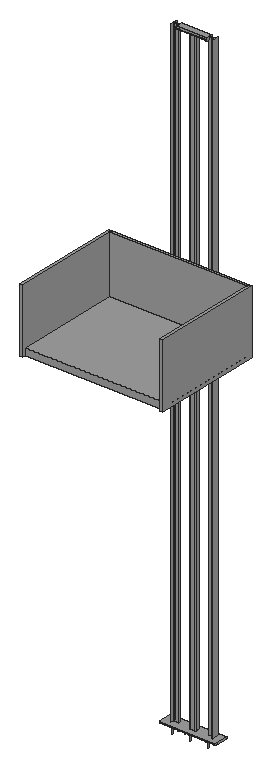
Revit family "1SE_Trez_TC_1500_With_Pit", category Specialty Equipment, Revit 2019
Family settings
  Round Connector Dimension = Use Diameter
  Part Type = Normal
  Work Plane-Based = No
  Always vertical = Yes
  Cut with Voids When Loaded = Yes
  Shared = No
  Room Calculation Point = No
Parameters (values of type "Platform-1700x1300mm with Door Height 2500mm")
  Safe Working Load = 1500.00 kg  # constant formula
  Safe Space = if(Cabin or Platform = Cabin, 900.0 mm, if(and(Cabin or Platform = Platform, Door Clear Height > 1900.0 mm), 600.0 mm, 0.0 mm))  # 600.0 mm
  Platform = Speciality_Equipment_Trez_Platform_Sgl_C : Platform
  Door Clear Width = Real Width  # 1700.0 mm
  Door Clear Height = 2500.0 mm
  D-Side = yes
  Clear Width = 1700.0 mm
  URL = "https://trez.bg/en/products/goods-only-lift-tc/tc-one-cylinder/"
  Shaft Width = Real Width + 100.0 mm  # 1800.0 mm
  Shaft Depth = Real Depth + Clearance  # 1670.0 mm
  Tower Cladding Material = TREZ_Steel_Cladding
  Real Width = if(Clear Width < 850.0 mm, 850.0 mm, if(Clear Width > 1700.0 mm, 1700.0 mm, Clear Width))  # 1700.0 mm
  Real Depth = if(Clear Depth < 850.0 mm, 850.0 mm, if(Clear Depth > 1300.0 mm, 1300.0 mm, Clear Depth))  # 1300.0 mm
  Profiles Material = TREZ_Steel
  Platform Material = TREZ_Steel
  Pit Height = 150.0 mm  # constant formula
  Travel = 4500.0 mm
  Rail Height = Travel + Pit Height + Headroom  # 7750.0 mm
  Model = "TC 1500"
  Manufacturer = "TREZ Ltd."
  Headroom = Door Clear Height + Safe Space  # 3100.0 mm
  Description = "As a hydraulic, goods-only lift with one cylinder, the TC is the low-price solution for lifting goods between the floors. "  # constant formula
  Clear Depth = 1300.0 mm
  Created By URL = "https://all1studio.com/"
  Created By = "All 1 Studio Ltd."
  Clearance = 370.0 mm  # constant formula
  Cabin or Platform = Speciality_Equipment_Trez_Platform_Sgl_C : Platform
  Cabin = Speciality_Equipment_Trez_Cabin_Sgl_C : Cabin
  C-Side = 1 = 1  # yes
  B-Side = yes
  A-Side = no
Reference planes
  plane 1 "Center (Front/Back)": y = 0
  plane 2: z = 0
  plane 3 "Center (Left/Right)": x = 0
  plane 4: x = -850
  plane 5: x = 850
  plane 6: y = 650
  plane 7: y = -650
  plane 8: x = 900
  plane 9: x = -900
  plane 10: y = 1020
  plane 11: y = -700
  plane 12: z = 4500
  plane 13 "Top of Lift": z = 7600
  plane 14 "Pit": z = -150
  plane 15: z = 7540
  plane 16: z = 40
  plane 17: z = -145
  plane 18: y = 888.5
Forms (mm)
  Extrusion 1, void
    sketch origin (0, 0, 0) x (1, 0, 0) y (0, 1, 0)
      loop
        line (-900, 1020) -> (-900, -700) -> (900, -700) -> (900, 1020) -> (-900, 1020)
    from 0 to -150
Lines and regions (mm)
  symbolic lines, style "Platform"
    curve 1: line (-850, 650, 0) -> (850, 650, 0)
    curve 2: line (-850, -650, 0) -> (-850, 650, 0)
    curve 3: line (850, -650, 0) -> (-850, -650, 0)
    curve 4: line (850, 650, 0) -> (850, -650, 0)
    curve 5: line (-850, 650, 0) -> (850, -650, 0)
    curve 6: line (850, 650, 0) -> (-850, -650, 0)
  symbolic lines, style "Shaft Volume"
    curve 7: line (-900, 1020, 0) -> (900, 1020, 0)
    curve 8: line (-900, -700, 0) -> (-900, 1020, 0)
    curve 9: line (900, -700, 0) -> (-900, -700, 0)
    curve 10: line (900, 1020, 0) -> (900, -700, 0)
    curve 11: line (900, 0, 7600) -> (-900, 0, 7600)
    curve 12: line (900, 0, 0) -> (900, 0, 7600)
    curve 13: line (-900, 0, 0) -> (900, 0, 0)
    curve 14: line (-900, 0, 7600) -> (-900, 0, 0)
    curve 15: line (0, -700, 7600) -> (0, 1020, 7600)
    curve 16: line (0, -700, 0) -> (0, -700, 7600)
    curve 17: line (0, 1020, 0) -> (0, -700, 0)
    curve 18: line (0, 1020, 7600) -> (0, 1020, 0)
Dimensions and locks
  equal spacing: plane 4, plane 3 "Center (Left/Right)", plane 5
  "Real Width": plane 4 to plane 5
  equal spacing: plane 7, plane 1 "Center (Front/Back)", plane 6
  "Real Depth": plane 7 to plane 6
  "Travel": plane 12 to level
  "Pit Height": level to plane 14 "Pit"
  "Headroom": plane 13 "Top of Lift" to plane 12
  locked: plane 13 "Top of Lift" to plane 15 at 60
  locked: plane 16 to level at 40
  locked: level to plane 17 at 145
  locked: plane 9 to plane 4 at 50
  locked: plane 5 to plane 8 at 50
  locked: plane 18 to plane 10 at 131.5
  "Clearance": plane 6 to plane 10
  locked: plane 7 to plane 11 at 50
  aligned and locked: level to plane 2
  aligned and locked: Extrusion 1 to plane 14 "Pit"
  aligned and locked: plane 1 "Center (Front/Back)" to nested 1
  aligned and locked: plane 3 "Center (Left/Right)" to nested 1
  aligned and locked: plane 12 to nested 1
  aligned and locked: nested 2 to plane 3 "Center (Left/Right)"
  aligned and locked: plane 18 to nested 2
  aligned and locked: plane 4 to curve 2
  aligned and locked: Extrusion 1 to plane 8
  aligned and locked: Extrusion 1 to plane 9
  aligned and locked: Extrusion 1 to plane 10
  aligned and locked: Extrusion 1 to plane 11
  aligned and locked: plane 10 to curve 7
  aligned and locked: plane 9 to curve 8
  aligned and locked: plane 11 to curve 9
  aligned and locked: plane 8 to curve 10
  aligned and locked: plane 13 "Top of Lift" to curve 11
  aligned and locked: curve 12 to plane 8
  aligned and locked: curve 13 to level
  aligned and locked: curve 14 to plane 9
  aligned and locked: curve 15 to plane 13 "Top of Lift"
  aligned and locked: plane 11 to curve 16
  aligned and locked: level to curve 17
  aligned and locked: plane 10 to curve 18
Automatic sketch dimensions
  Extrusion 1 sketch curve to plane 8 = 0.0 mm
  Extrusion 1 sketch curve to plane 11 = 0.0 mm
  Extrusion 1 sketch curve to plane 10 = 0.0 mm
  Extrusion 1 sketch curve to plane 9 = 0.0 mm
  curve 4 to plane 5 = 0.0 mm
  curve 3 to plane 7 = 0.0 mm
  plane 6 to curve 2 = 0.0 mm
Nested families
  nested 1: "Speciality_Equipment_Trez_Platform_Sgl_C" at (0, 0, 4500), type <- "Cabin or Platform", type "Platform"
    with Width 1700.0 mm, Depth 1300.0 mm, D-Side yes, B-Side yes
  nested 2: "Generic_Model_Trez_Rails_Sgl_C" at (0, 888.5, -120) x (0, -1, 0) z (0, 0, 1), type "Rails"
    with Height 7750.0 mm
Definition of nested family "Speciality_Equipment_Trez_Platform_Sgl_C"
  Parameters (values of type "Platform")
    Width = 1300.0 mm
    Platform Material = none
    Depth = 1000.0 mm
    D-Side = no
    C-Side = yes
    B-Side = no
    A-Side = no
  Reference planes
    plane 1 "Center (Front/Back)": y = 0
    plane 2 "Bottom": z = 0
    plane 3 "Center (Left/Right)": x = 0
    plane 4: x = 650
    plane 5: x = -650
    plane 6: y = 500
    plane 7: y = -500
    plane 8: y = 535
    plane 9: z = -89
    plane 10: z = 709
    plane 11: x = -685
    plane 12: x = 685
    plane 13: y = -535
  Forms (mm)
    Extrusion 1, solid, material <- "Platform Material", visible <- "C-Side"
      sketch origin (0, 0, 0) x (1, 0, 0) y (0, 1, 0)
        loop
          line (-650, 535) -> (-650, 500) -> (650, 500) -> (650, 535) -> (-650, 535)
      from -89 to 709
    Extrusion 2, solid, material <- "Platform Material", detail levels coarse+medium
      sketch origin (0, 0, 0) x (1, 0, 0) y (0, 0, 1)
        loop
          line (-650, 0) -> (-650, -89) -> (650, -89) -> (650, 0) -> (-650, 0)
      from -500 to 500
    Extrusion 3, solid, material <- "Platform Material", detail levels fine
      sketch origin (0, 0, 0) x (1, 0, 0) y (0, 0, 1)
        loop
          line (-650, 0) -> (-650, -74)
          arc (-650, -74) -> (-645.607, -84.607) -> (-635, -89) r 15
          line (-635, -89) -> (635, -89)
          arc (635, -89) -> (645.607, -84.607) -> (650, -74) r 15
          line (650, -74) -> (650, 0) -> (-650, 0)
      from -500 to 500
    Extrusion 4, solid, material <- "Platform Material", visible <- "A-Side"
      sketch origin (0, -1035, 0) x (1, 0, 0) y (0, 1, 0)
        loop
          line (-650, 535) -> (-650, 500) -> (650, 500) -> (650, 535) -> (-650, 535)
      from -89 to 709
    Extrusion 5, solid, material <- "Platform Material", visible <- "D-Side"
      sketch origin (31.413, 20.624, 0) x (0, -1, 0) y (1, 0, 0)
        loop
          line (-514.376, 653.587) -> (-514.376, 618.587) -> (555.624, 618.587) -> (555.624, 653.587) -> (-514.376, 653.587)
      from -89 to 709
    Extrusion 6, solid, material <- "Platform Material", visible <- "B-Side"
      sketch origin (-1003.587, 20.624, 0) x (0, -1, 0) y (1, 0, 0)
        loop
          line (-514.376, 353.587) -> (-514.376, 318.587) -> (555.624, 318.587) -> (555.624, 353.587) -> (-514.376, 353.587)
      from -89 to 709
  Dimensions and locks
    equal spacing: plane 5, plane 3 "Center (Left/Right)", plane 4
    "Width": plane 5 to plane 4
    equal spacing: plane 7, plane 1 "Center (Front/Back)", plane 6
    "Depth": plane 6 to plane 7
    locked: plane 8 to plane 6 at 35
    locked: plane 2 "Bottom" to plane 9 at 89
    locked: plane 10 to plane 2 "Bottom" at 709
    locked: plane 11 to plane 5 at 35
    locked: plane 4 to plane 12 at 35
    locked: plane 13 to plane 7 at 35
    aligned and locked: level to plane 2 "Bottom"
    aligned and locked: Extrusion 1 sketch curve to plane 8
    aligned and locked: Extrusion 2 sketch curve to plane 2 "Bottom"
    aligned and locked: Extrusion 2 sketch curve to plane 9
    aligned and locked: plane 6 to Extrusion 2
    aligned and locked: plane 7 to Extrusion 2
    aligned and locked: Extrusion 3 sketch curve to plane 2 "Bottom"
    aligned and locked: Extrusion 3 sketch curve to plane 9
    aligned and locked: plane 7 to Extrusion 3
    aligned and locked: plane 6 to Extrusion 3
    aligned and locked: Extrusion 1 to plane 9
    aligned and locked: plane 5 to Extrusion 3
    aligned and locked: plane 5 to Extrusion 2
    aligned and locked: plane 5 to Extrusion 1
    aligned and locked: plane 4 to Extrusion 3
    aligned and locked: plane 4 to Extrusion 2
    aligned and locked: plane 4 to Extrusion 1
    aligned and locked: Extrusion 4 to plane 7
    aligned and locked: plane 13 to Extrusion 4
    aligned and locked: plane 4 to Extrusion 4
    aligned and locked: plane 5 to Extrusion 4
    aligned and locked: plane 12 to Extrusion 5
    aligned and locked: Extrusion 5 to plane 4
    aligned and locked: plane 8 to Extrusion 5
    aligned and locked: plane 13 to Extrusion 5
    aligned and locked: plane 11 to Extrusion 6
    aligned and locked: Extrusion 6 to plane 5
    aligned and locked: plane 8 to Extrusion 6
    aligned and locked: plane 13 to Extrusion 6
  Automatic sketch dimensions
    Extrusion 1 sketch curve to plane 5 = 0.0 mm
    Extrusion 1 sketch curve to plane 4 = 0.0 mm
    Extrusion 1 sketch curve to plane 6 = 0.0 mm
    plane 5 to Extrusion 2 sketch curve = 0.0 mm
    Extrusion 2 sketch curve to plane 4 = 0.0 mm
    plane 5 to Extrusion 3 sketch curve = 0.0 mm
    Extrusion 3 sketch curve to plane 4 = 0.0 mm
    Extrusion 3 sketch curve to plane 5 = 15.0 mm
    Extrusion 3 sketch curve to plane 4 = 15.0 mm
    Extrusion 4 sketch curve to plane 5 = 0.0 mm
    Extrusion 4 sketch curve to plane 4 = 0.0 mm
    plane 13 to Extrusion 4 sketch curve = 0.0 mm
    plane 7 to Extrusion 4 sketch curve = 0.0 mm
    plane 8 to Extrusion 5 sketch curve = 0.0 mm
    plane 13 to Extrusion 5 sketch curve = 0.0 mm
    Extrusion 5 sketch curve to plane 12 = 35.0 mm
    Extrusion 5 sketch curve to Extrusion 5 sketch curve = 35.0 mm
    plane 8 to Extrusion 6 sketch curve = 0.0 mm
    plane 13 to Extrusion 6 sketch curve = 0.0 mm
    Extrusion 6 sketch curve to plane 12 = 1370.0 mm
    Extrusion 6 sketch curve to Extrusion 6 sketch curve = 35.0 mm
Definition of nested family "Generic_Model_Trez_Rails_Sgl_C"
  Parameters (values of type "Rails")
    Profiles Material = none
    Height = 7720.0 mm
  Reference planes
    plane 1 "Center (Front/Back)": y = 0
    plane 2: z = 0
    plane 3 "Center (Left/Right)": x = 0
    plane 4: x = 87.2
    plane 5: x = -87.2
    plane 6: y = 350
    plane 7: y = -350
    plane 8: z = 7720
    plane 9: z = 15
    plane 10: z = 7685
    plane 11: z = -95
  Forms (mm)
    Extrusion 1, solid, material <- "Profiles Material", detail levels fine
      sketch origin (0, 0, 0) x (1, 0, 0) y (0, 1, 0)
        loop
          line (77.2, 350) -> (-77.2, 350)
          arc (-77.2, 350) -> (-84.271, 347.071) -> (-87.2, 340) r 10
          line (-87.2, 340) -> (-87.2, -340)
          arc (-87.2, -340) -> (-84.271, -347.071) -> (-77.2, -350) r 10
          line (-77.2, -350) -> (77.2, -350)
          arc (77.2, -350) -> (84.271, -347.071) -> (87.2, -340) r 10
          line (87.2, -340) -> (87.2, 340)
          arc (87.2, 340) -> (84.271, 347.071) -> (77.2, 350) r 10
      from 0 to 15
    Extrusion 2, solid, material <- "Profiles Material", detail levels fine
      sketch origin (0, 0, 0) x (1, 0, 0) y (0, 1, 0)
        loop
          line (-61.5, -260) -> (28.5, -260) -> (28.5, -252) -> (-3.5, -252)
          arc (-3.5, -252) -> (-7.036, -250.536) -> (-8.5, -247) r 5
          line (-8.5, -247) -> (-8.5, -185) -> (-24.5, -185) -> (-24.5, -247)
          arc (-24.5, -247) -> (-25.964, -250.536) -> (-29.5, -252) r 5
          line (-29.5, -252) -> (-61.5, -252) -> (-61.5, -260)
        loop
          line (-37.94, -40) -> (-1.94, -40)
          arc (-1.94, -40) -> (8.667, -35.607) -> (13.06, -25) r 15
          line (13.06, -25) -> (13.06, 25)
          arc (13.06, 25) -> (8.667, 35.607) -> (-1.94, 40) r 15
          line (-1.94, 40) -> (-37.94, 40) -> (-37.94, -40)
        loop
          line (-61.5, 260) -> (-61.5, 252) -> (-29.5, 252)
          arc (-29.5, 252) -> (-25.964, 250.536) -> (-24.5, 247) r 5
          line (-24.5, 247) -> (-24.5, 185) -> (-8.5, 185) -> (-8.5, 247)
          arc (-8.5, 247) -> (-7.036, 250.536) -> (-3.5, 252) r 5
          line (-3.5, 252) -> (28.5, 252) -> (28.5, 260) -> (-61.5, 260)
      from 15 to 7720
    Extrusion 3, solid, material <- "Profiles Material", detail levels fine
      sketch origin (0, 0, 0) x (1, 0, 0) y (0, 0, 1)
        loop
          line (-51.5, 7720) -> (-51.5, 7690)
          arc (-51.5, 7690) -> (-50.036, 7686.464) -> (-46.5, 7685) r 5
          line (-46.5, 7685) -> (13.5, 7685)
          arc (13.5, 7685) -> (17.036, 7686.464) -> (18.5, 7690) r 5
          line (18.5, 7690) -> (18.5, 7720) -> (-51.5, 7720)
      from -185 to 185
    Extrusion 4, solid, material <- "Profiles Material", detail levels coarse+medium
      sketch origin (0, 0, 0) x (1, 0, 0) y (0, 1, 0)
        loop
          line (87.2, 350) -> (-87.2, 350) -> (-87.2, -350) -> (87.2, -350) -> (87.2, 350)
      from 0 to 15
    Extrusion 5, solid, material <- "Profiles Material", detail levels coarse+medium
      sketch origin (0, 0, 0) x (1, 0, 0) y (0, 1, 0)
        loop
          line (28.5, -185) -> (-61.5, -185) -> (-61.5, -260) -> (28.5, -260) -> (28.5, -185)
        loop
          line (-37.94, -40) -> (13.06, -40) -> (13.06, 40) -> (-37.94, 40) -> (-37.94, -40)
        loop
          line (-61.5, 260) -> (-61.5, 185) -> (28.5, 185) -> (28.5, 260) -> (-61.5, 260)
      from 15 to 7720
    Extrusion 6, solid, material <- "Profiles Material", detail levels coarse+medium
      sketch origin (0, 0, 0) x (1, 0, 0) y (0, 0, 1)
        loop
          line (-51.5, 7720) -> (-51.5, 7690)
          arc (-51.5, 7690) -> (-50.036, 7686.464) -> (-46.5, 7685) r 5
          line (-46.5, 7685) -> (13.5, 7685)
          arc (13.5, 7685) -> (17.036, 7686.464) -> (18.5, 7690) r 5
          line (18.5, 7690) -> (18.5, 7720) -> (-51.5, 7720)
      from -260 to 260
    Extrusion 7, solid, material <- "Profiles Material", detail levels fine
      sketch origin (0, 0, 0) x (1, 0, 0) y (0, 1, 0)
        loop
          circle (46.2, 222.5) r 7.5
        loop
          circle (-43.8, 222.5) r 7.5
        loop
          circle (-43.8, 132.5) r 7.5
        loop
          circle (46.2, -222.5) r 7.5
        loop
          circle (-43.8, -222.5) r 7.5
        loop
          circle (-43.8, -132.5) r 7.5
        loop
          circle (-43.8, -80) r 7.5
        loop
          circle (-43.8, 80) r 7.5
        loop
          circle (46.2, 0.052) r 7.5
      from -95 to 0
  Cuts and joins
    joined: Extrusion 2, Extrusion 3
    joined: Extrusion 5, Extrusion 6
  Lines and regions (mm)
    symbolic lines
      curve 1: line (28.5, 185, 0) -> (-61.5, 185, 0)
      curve 2: line (28.5, 260, 0) -> (28.5, 185, 0)
      curve 3: line (-61.5, 260, 0) -> (28.5, 260, 0)
      curve 4: line (-61.5, 185, 0) -> (-61.5, 260, 0)
      curve 5: line (13.06, 40, 0) -> (-37.94, 40, 0)
      curve 6: line (13.06, -40, 0) -> (13.06, 40, 0)
      curve 7: line (-37.94, -40, 0) -> (13.06, -40, 0)
      curve 8: line (-37.94, 40, 0) -> (-37.94, -40, 0)
      curve 9: line (28.5, -185, 0) -> (-61.5, -185, 0)
      curve 10: line (28.5, -260, 0) -> (28.5, -185, 0)
      curve 11: line (-61.5, -260, 0) -> (28.5, -260, 0)
      curve 12: line (-61.5, -185, 0) -> (-61.5, -260, 0)
      curve 13: line (87.2, -350, 0) -> (-87.2, -350, 0)
      curve 14: line (87.2, 350, 0) -> (87.2, -350, 0)
      curve 15: line (-87.2, 350, 0) -> (87.2, 350, 0)
      curve 16: line (-87.2, -350, 0) -> (-87.2, 350, 0)
  Dimensions and locks
    equal spacing: plane 5, plane 3 "Center (Left/Right)", plane 4
    plane 5 to plane 4 = 174.4 mm
    equal spacing: plane 6, plane 1 "Center (Front/Back)", plane 7
    "Height": plane 8 to plane 2
    locked: plane 9 to plane 2 at 15
    locked: plane 8 to Extrusion 3 sketch curve at 35
    locked: plane 8 to plane 10 at 35
    locked: plane 2 to plane 11 at 95
    aligned and locked: level to plane 2
    aligned and locked: Extrusion 1 sketch curve to plane 6
    aligned and locked: plane 4 to Extrusion 1 sketch curve
    aligned and locked: Extrusion 1 sketch curve to plane 7
    aligned and locked: plane 5 to Extrusion 1 sketch curve
    aligned and locked: plane 8 to Extrusion 2
    aligned and locked: Extrusion 1 to plane 9
    aligned and locked: plane 9 to Extrusion 2
    aligned and locked: Extrusion 4 sketch curve to plane 6
    aligned and locked: plane 4 to Extrusion 4 sketch curve
    aligned and locked: Extrusion 4 sketch curve to plane 7
    aligned and locked: plane 5 to Extrusion 4 sketch curve
    aligned and locked: Extrusion 4 to plane 9
    aligned and locked: Extrusion 4 to plane 2
    aligned and locked: plane 8 to Extrusion 5
    aligned and locked: plane 8 to Extrusion 3 sketch curve
    aligned and locked: Extrusion 3 to Extrusion 5  (x2)
    aligned and locked: Extrusion 7 to plane 11
    aligned and locked: plane 2 to Extrusion 7
  Automatic sketch dimensions
    Extrusion 2 sketch curve to plane 5 = 25.7 mm  (x2)
    Extrusion 2 sketch curve to plane 3 "Center (Left/Right)" = 29.5 mm  (x2)
    Extrusion 2 sketch curve to Extrusion 2 sketch curve = 5.0 mm
    Extrusion 2 sketch curve to plane 3 "Center (Left/Right)" = 24.5 mm
    Extrusion 2 sketch curve to plane 3 "Center (Left/Right)" = 8.5 mm  (x2)
    Extrusion 2 sketch curve to plane 3 "Center (Left/Right)" = 3.5 mm  (x2)
    Extrusion 2 sketch curve to plane 3 "Center (Left/Right)" = 1.94 mm  (x2)
    Extrusion 2 sketch curve to Extrusion 2 sketch curve = 15.0 mm
    plane 3 "Center (Left/Right)" to Extrusion 2 sketch curve = 28.5 mm  (x2)
    plane 7 to Extrusion 2 sketch curve = 90.0 mm
    Extrusion 2 sketch curve to Extrusion 2 sketch curve = 8.0 mm  (x3)
    Extrusion 2 sketch curve to Extrusion 2 sketch curve = 62.0 mm  (x2)
    Extrusion 2 sketch curve to plane 1 "Center (Front/Back)" = 25.0 mm
    plane 6 to Extrusion 2 sketch curve = 165.0 mm
    Extrusion 2 sketch curve to Extrusion 2 sketch curve = 0.0 mm
    Extrusion 2 sketch curve to plane 3 "Center (Left/Right)" = 37.94 mm
    plane 1 "Center (Front/Back)" to Extrusion 2 sketch curve = 40.0 mm
    Extrusion 3 sketch curve to Extrusion 3 sketch curve = 5.0 mm  (x2)
    plane 3 "Center (Left/Right)" to Extrusion 3 sketch curve = 13.5 mm
    Extrusion 3 sketch curve to plane 5 = 40.7 mm
    Extrusion 1 sketch curve to plane 5 = 10.0 mm
    Extrusion 1 sketch curve to Extrusion 1 sketch curve = 10.0 mm
    Extrusion 1 sketch curve to plane 4 = 10.0 mm  (x2)
    Extrusion 6 sketch curve to plane 8 = 0.0 mm
    Extrusion 6 sketch curve to plane 10 = 0.0 mm
    plane 10 to Extrusion 6 sketch curve = 5.0 mm  (x2)
    Extrusion 6 sketch curve to plane 5 = 35.7 mm
    plane 3 "Center (Left/Right)" to Extrusion 6 sketch curve = 13.5 mm
    curve 16 to plane 5 = 0.0 mm
    curve 15 to plane 4 = 0.0 mm
    curve 13 to plane 7 = 0.0 mm
    plane 6 to curve 15 = 0.0 mm
    curve 3 to plane 5 = 25.7 mm
    curve 12 to plane 5 = 25.7 mm
    curve 5 to plane 3 "Center (Left/Right)" = 37.94 mm
    plane 3 "Center (Left/Right)" to curve 5 = 13.06 mm
    plane 3 "Center (Left/Right)" to curve 11 = 28.5 mm
    plane 3 "Center (Left/Right)" to curve 2 = 28.5 mm
    plane 7 to curve 11 = 90.0 mm
    curve 10 to curve 10 = 75.0 mm
    plane 1 "Center (Front/Back)" to curve 7 = 40.0 mm
    curve 5 to plane 1 "Center (Front/Back)" = 40.0 mm
    plane 6 to curve 2 = 165.0 mm
    curve 1 to curve 3 = 75.0 mm
    Extrusion 7 sketch curve to plane 5 = 43.4 mm  (x6)
    Extrusion 7 sketch curve to plane 4 = 41.0 mm  (x3)
    plane 7 to Extrusion 7 sketch curve = 127.5 mm
    Extrusion 7 sketch curve to Extrusion 7 sketch curve = 0.0 mm  (x2)
    Extrusion 7 sketch curve to Extrusion 7 sketch curve = 90.0 mm  (x2)
    plane 6 to Extrusion 7 sketch curve = 217.5 mm
    Extrusion 7 sketch curve to plane 1 "Center (Front/Back)" = 0.052 mm
    plane 1 "Center (Front/Back)" to Extrusion 7 sketch curve = 80.0 mm
    Extrusion 7 sketch curve to plane 1 "Center (Front/Back)" = 80.0 mm
    Extrusion 5 sketch curve to plane 5 = 25.7 mm  (x2)
    Extrusion 5 sketch curve to plane 3 "Center (Left/Right)" = 37.94 mm
    plane 3 "Center (Left/Right)" to Extrusion 5 sketch curve = 13.06 mm
    plane 3 "Center (Left/Right)" to Extrusion 5 sketch curve = 28.5 mm  (x2)
    plane 1 "Center (Front/Back)" to Extrusion 5 sketch curve = 40.0 mm
    Extrusion 5 sketch curve to plane 1 "Center (Front/Back)" = 40.0 mm
    Extrusion 5 sketch curve to Extrusion 5 sketch curve = 145.0 mm  (x2)
    Extrusion 5 sketch curve to Extrusion 5 sketch curve = 75.0 mm  (x2)
    radius of Extrusion 7 sketch curve = 7.5 mm  (x9)
